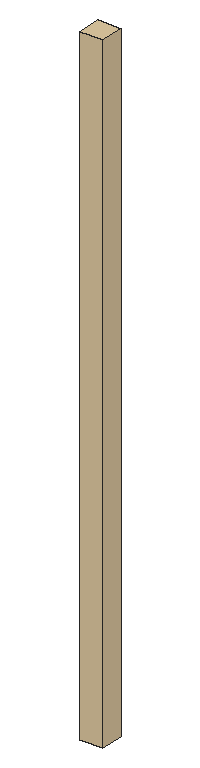
Revit family
Parameters (values of type "89 x 89")
  Keynote = "G20"
  Column Material [instance] = Wood - Dimensional Lumber
  A = 0.00 m²
  Ix = 0
  Iy = 0
  Sx = 0
  Sy = 0
  b = 89 mm
  d = 89 mm
Reference planes
  plane 1 "Center (Front/Back)": y = 0
  plane 2: z = 0
  plane 3 "Center (Left/Right)": x = 0
  plane 4: x = -44.5
  plane 5: x = 44.5
  plane 6: y = 44.5
  plane 7: y = -44.5
Forms (mm)
  Extrusion 1, solid, material "Wood - Dimensional Lumber" <- "Column Material", detail levels medium+fine
    sketch origin (0, 0, 0) x (1, 0, 0) y (0, 1, 0)
      loop
        line (-44.5, 44.5) -> (-44.5, -44.5) -> (44.5, -44.5) -> (44.5, 44.5) -> (-44.5, 44.5)
    from 0 to 2500
Lines and regions (mm)
  symbolic lines, style "StructuralColumnStickSymbols", detail levels coarse
    curve 1: line (-44.5, 44.5, 0) -> (44.5, 44.5, 0)
    curve 2: line (-44.5, -44.5, 0) -> (44.5, -44.5, 0)
    curve 3: line (-44.5, 44.5, 0) -> (-44.5, -44.5, 0)
    curve 4: line (44.5, 44.5, 0) -> (44.5, -44.5, 0)
Dimensions and locks
  equal spacing: plane 4, plane 3 "Center (Left/Right)", plane 5
  equal spacing: plane 7, plane 1 "Center (Front/Back)", plane 6
  "d": plane 7 to plane 6
  "b": plane 4 to plane 5
  aligned and locked: plane 6 to Extrusion 1 sketch curve
  aligned and locked: Extrusion 1 sketch curve to plane 7
  aligned and locked: Extrusion 1 sketch curve to plane 4
  aligned and locked: plane 5 to Extrusion 1 sketch curve
  aligned and locked: level to Extrusion 1
  aligned and locked: level to plane 2
  aligned and locked: Extrusion 1 to plane 2
Automatic sketch dimensions
  curve 3 to plane 4 = 0 mm
  curve 4 to plane 5 = 0 mm
  curve 3 to plane 7 = 0 mm
  curve 3 to plane 6 = 0 mm
